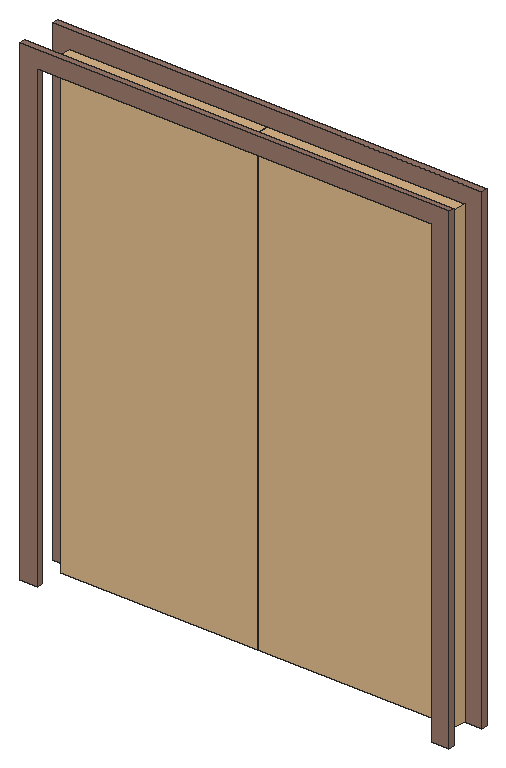
Revit family "b603e37a23cb4647829a465d2a90713f", category Doors, host Wall, Revit 2021
Family settings
  Host = Wall
  OmniClass Number = 23.30.10.00
  OmniClass Title = Doors
  Always vertical = Yes
  Cut with Voids When Loaded = No
  Shared = No
  Room Calculation Point = No
Parameters (values of type "68" x 80"")
  Visual Light Transmittance = 0
  Thickness = 0' - 2"
  Thermal Resistance (R) = 2.5876 (h·ft²·°F)/BTU
  Swing Angle [instance] = 90.00°
  Solar Heat Gain Coefficient = 0
  Panel Width = 1 / 2 * Width  # 2' - 10"
  Define Thermal Properties by = Schematic Type
  Construction Type Id = "DOOR"
  Heat Transfer Coefficient (U) = 0.3865 BTU/(h·ft²·°F)
  Function = Interior
  Assembly Code = "C1020"
  Panel Material = Wood - Birch - Solid Stained Light Low Gloss
  Trim Material = Paint - Sienna
  Height = 6' - 8"
  Trim Projection Ext = 0' - 1"
  Trim Projection Int = 0' - 1"
  Trim Width = 0' - 3"
  Wall Closure = By host
  Width = 5' - 8"
  Analytic Construction = "Wooden"
Reference planes (in)
  plane 1 "Center(Front/Right)": y = 0
  plane 2: z = 0
  plane 3 "Center (Left/Right)": x = 0
  plane 4 "Left": x = -34
  plane 5 "Right": x = 34
  plane 6 "Top": z = 80
  plane 7: y = 3
Forms (in)
  Extrusion 1, solid, material "Paint - Sienna" <- "Trim Material", detail levels fine
    sketch origin (-90, 3, 0) x (-1, 0, 0) y (0, 0, 1)
      loop
        line (-124, 80) -> (-56, 80) -> (-56, 0) -> (-53, 0) -> (-53, 83) -> (-127, 83) -> (-127, 0) -> (-124, 0) -> (-124, 80)
    from 0 to 1
  Extrusion 2, solid, material "Paint - Sienna" <- "Trim Material", detail levels fine
    sketch origin (-90, -3, 0) x (1, 0, 0) y (0, 0, 1)
      loop
        line (56, 0) -> (56, 80) -> (124, 80) -> (124, 0) -> (127, 0) -> (127, 83) -> (53, 83) -> (53, 0) -> (56, 0)
    from 0 to 1
  Extrusion 3, solid, material "Wood - Birch - Solid Stained Light Low Gloss" <- "Panel Material"
    sketch origin (-60, 3, 0) x (-1, 0, 0) y (0, 0, 1)
      loop
        line (-60, 80) -> (-60, 0) -> (-26, 0) -> (-26, 80) -> (-60, 80)
    from 0 to -2
  Extrusion 4, solid, material "Wood - Birch - Solid Stained Light Low Gloss" <- "Panel Material"
    sketch origin (0, 0, 0) x (-1, 0, 0) y (0, 0, 1)
      loop
        line (-34, 80) -> (-34, 0) -> (0, 0) -> (0, 80) -> (-34, 80)
    from 1 to 3
Lines and regions (in)
  Opening 1
    outline origin (-90, -3, 0) x (1, 0, 0) y (0, 0, 1)
      loop
        line (56, 0) -> (124, 0) -> (124, 80) -> (56, 80) -> (56, 0)
  symbolic lines, style "Elevation Swing"
    curve 1: line (0, 0, 80) -> (-34, 0, 40)
    curve 2: line (0, 0, 0) -> (-34, 0, 40)
    curve 3: line (0, 0, 0) -> (34, 0, 40)
    curve 4: line (34, 0, 40) -> (0, 0, 80)
Text (in)
  text "Exterior" at (-58.67754, 39.5847, 0), in view "Ref. Level"
  text "Interior" at (-58.34764, -27.11922, 0), in view "Ref. Level"
  text "Exterior" at (0, 40.15149, 123.01588), in view "Right"
  text "Interior" at (0, -64.39139, 123.01588), in view "Right"
  text "Interior" at (0, -27.50358, 116.57024), in view "Left"
  text "Exterior" at (0, 54.57065, 116.57024), in view "Left"
Dimensions and locks (in)
  "Height": plane 2 to plane 6 "Top"
  "Trim Width": Extrusion 2 sketch curve to plane 4 "Left"
  "Trim Width": Extrusion 2 sketch curve to plane 5 "Right"
  "Trim Width": Extrusion 2 sketch curve to plane 6 "Top"
  "Trim Width": Extrusion 1 sketch curve to Extrusion 1 sketch curve  (x2)
  "Trim Width": Extrusion 1 sketch curve to plane 6 "Top"
  "Trim Projection Int": Extrusion 2 to host wall
  "Trim Projection Ext": Extrusion 1 to host wall
  "Thickness": Extrusion 3 to host wall
  "Width": plane 4 "Left" to plane 5 "Right"
  equal spacing: plane 4 "Left", plane 3 "Center (Left/Right)", plane 5 "Right"
  equal spacing: plane 6 "Top", curve 2, level
  equal spacing: plane 6 "Top", curve 4, level
  aligned and locked: plane 4 "Left" to Opening 1 sketch curve
  aligned and locked: plane 6 "Top" to Opening 1 sketch curve  (x2)
  aligned and locked: Opening 1 sketch curve to plane 5 "Right"
  aligned and locked: Opening 1 sketch curve to level
  aligned and locked: plane 6 "Top" to Extrusion 1 sketch curve  (x2)
  aligned and locked: plane 4 "Left" to Extrusion 1 sketch curve
  aligned and locked: Extrusion 1 sketch curve to plane 4 "Left"
  aligned and locked: plane 2 to Extrusion 1 sketch curve
  aligned and locked: Extrusion 1 sketch curve to plane 2
  aligned and locked: level to Extrusion 1 sketch curve
  aligned and locked: plane 5 "Right" to Extrusion 1 sketch curve
  aligned and locked: Extrusion 1 to host wall
  aligned and locked: plane 4 "Left" to Extrusion 2 sketch curve
  aligned and locked: plane 6 "Top" to Extrusion 2 sketch curve  (x2)
  aligned and locked: plane 5 "Right" to Extrusion 2 sketch curve  (x2)
  aligned and locked: level to Extrusion 2 sketch curve
  aligned and locked: Extrusion 2 sketch curve to level
  aligned and locked: plane 2 to Extrusion 2 sketch curve
  aligned and locked: Extrusion 2 to host wall
  aligned and locked: plane 7 to host wall
  aligned and locked: Extrusion 4 to Extrusion 3  (x2)
  aligned and locked: nested 1 to plane 5 "Right"
  aligned and locked: nested 1 to plane 7
  aligned and locked: nested 1 to plane 3 "Center (Left/Right)"
  aligned and locked: nested 2 to plane 4 "Left"
  aligned and locked: plane 7 to Extrusion 3
  aligned and locked: nested 2 to plane 3 "Center (Left/Right)"
  aligned and locked: plane 7 to nested 2
  aligned and locked: plane 7 to nested 1
Automatic sketch dimensions
  Extrusion 3 sketch curve to level = 0' - 0"
  Extrusion 3 sketch curve to plane 4 "Left" = 0' - 0"
  Extrusion 3 sketch curve to plane 6 "Top" = 0' - 0"
  Extrusion 3 sketch curve to plane 3 "Center (Left/Right)" = 0' - 0"
  Extrusion 4 sketch curve to level = 0' - 0"
  Extrusion 4 sketch curve to plane 5 "Right" = 0' - 0"
  Extrusion 4 sketch curve to plane 3 "Center (Left/Right)" = 0' - 0"
  Extrusion 4 sketch curve to plane 6 "Top" = 0' - 0"
  curve 1 to plane 3 "Center (Left/Right)" = 0' - 0"
  curve 1 to plane 6 "Top" = 0' - 0"
  curve 2 to plane 4 "Left" = 0' - 0"
  curve 4 to plane 5 "Right" = 0' - 0"
  curve 3 to level = 0' - 0"
  curve 2 to plane 3 "Center (Left/Right)" = 0' - 0"
Nested families (in)
  nested 1: "Door Swing-Single" at (34, 3, 0), Swing Angle <- "Swing Angle", type "Single"
    with Swing Visible yes, Swing Angle 90.00°, Actual Angle 90.00°
  nested 2: "Door Swing-Single" at (-34, 3, 0) x (-1, 0, 0) z (0, 0, 1), Swing Angle <- "Swing Angle", type "Single"
    with Swing Visible yes, Swing Angle 90.00°, Actual Angle 90.00°
Definition of nested family "Door Swing-Single"
  Parameters
    Width = 3' - 0"
    Thickness = 0' - 1 3/4"
    Swing Visible [instance] = Swing Angle > 1.00°  # yes
    Swing Angle [instance] = 45.00°
    Assembly Code = ""
    Analytic Construction = "<None>"
    Actual Angle [instance] = if(Swing Angle < 1.00°, 1.00°, Swing Angle)  # 45.00°
  Reference planes (in)
    plane 1 "Center (Front/Back)": y = 0
    plane 2: z = 0
    plane 3 "Center (Left/Right)": x = 0
    plane 4: x = -36
  Lines and regions (in)
    Masking region 1
      outline origin (0, 0, 0) x (-0.707107, 0.707107, 0) y (-0.707107, -0.707107, 0)
        loop
          line (0, 0) -> (36, 0) -> (36, 1.75) -> (0, 1.75) -> (0, 0)
    symbolic lines
      curve 1: line (0, 0, 0) -> (-36, 0, 0)
    symbolic lines, visible <- "Swing Visible"
      curve 2: arc (-36, 0, 0) -> (-33.25966, 13.7766, 0) -> (-25.45584, 25.45584, 0) r 36
    reference lines
      curve 3: line (0, 0, 0) -> (-25.45584, 25.45584, 0)
    model lines
      curve 4: line (0, 0, 0) -> (0, 0, 1)
  Dimensions and locks (in)
    "Width": plane 4 to plane 3 "Center (Left/Right)"
    locked: curve 2 to plane 3 "Center (Left/Right)"
    locked: curve 2 to plane 1 "Center (Front/Back)"
    "Width": curve 3 to curve 3
    "Thickness": Masking region 1 sketch curve to Masking region 1 sketch curve
    locked: curve 4 to plane 2 at 1
    "Width": radius of curve 2
    "Actual Angle": angle curve 2 to curve 2
    "Swing Angle": angle curve 3 to plane 1 "Center (Front/Back)"
    aligned and locked: curve 1 to plane 1 "Center (Front/Back)"
    aligned and locked: plane 3 "Center (Left/Right)" to curve 1
    aligned and locked: plane 3 "Center (Left/Right)" to curve 3
    aligned and locked: plane 1 "Center (Front/Back)" to curve 3
    aligned and locked: curve 3 to Masking region 1 sketch curve
    aligned and locked: Masking region 1 sketch curve to curve 3  (x2)
    aligned and locked: plane 3 "Center (Left/Right)" to curve 4
    aligned and locked: plane 2 to curve 4
